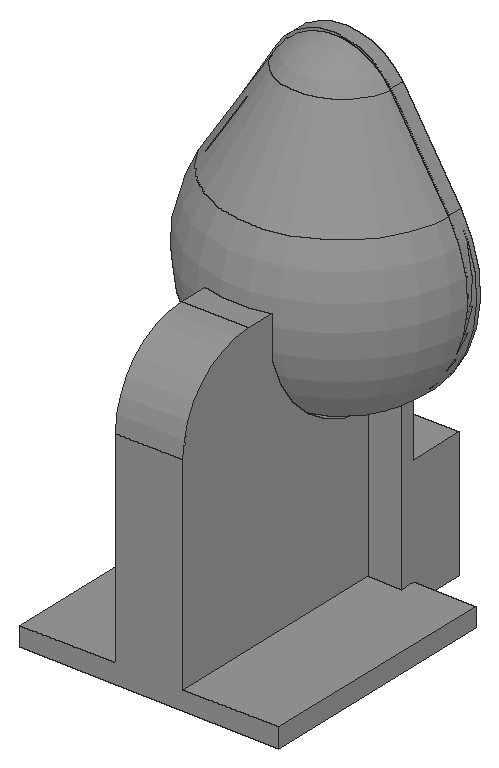
Revit family "Toilet-Willoughby-1490-HET-ETW-CM-BS", category Plumbing Fixtures, host Face, Revit 2014
Parameters (values of type "Standard")
  Waste DIA = 2 1/4"
  Waste Connection = yes
  W-RAD [instance] = Waste DIA / 2  # 0' - 1 1/8"
  Vent Connection = no
  URL = "www.willoughby-ind.com"
  Type Comments = ""
  Revision = "A"
  Model = "ETW-1490-HET-CM-BS"
  Manufacturer = "Willoughby Industries"
  HW Connection = no
  Flush inlet DIA = 1 1/2"
  Flush Inlet Connection = yes
  Fixture Body = Stainless Steel AISI 304-Willoughby
  F-RAD [instance] = Flush inlet DIA / 2  # 0' - 0 3/4"
  Description = "Carrier Mounted Toilet"
  Default Elevation = 0' - 0"
  Contact Number = "(800) 428-4065"
  CW Connection = no
Reference planes (in)
  plane 1 "Base": y = -16.25
  plane 2: z = 0
  plane 3 "Center": x = 18.31072
  plane 4 "Waste height": y = -4.75
  plane 5 "Seat HGT": y = -1.25
  plane 6: z = -6.75
  plane 7: y = -2.125
  plane 8 "Unit Base Off Floor": y = -14.0625
  plane 9 "Flush HGT": y = 0.5
  plane 10: x = 16.56072
  plane 11: x = 20.06072
  plane 12: x = 11.56072
  plane 13: x = 25.06072
Forms (in)
  Extrusion 1, solid, material "Stainless Steel AISI 304-Willoughby" <- "Fixture Body"
    sketch origin (16.08109, 7.47968, -7.1422) x (-1, 0, 0) y (0, 0, -1)
      loop
        line (1.29775, -16.80087) -> (1.29775, -7.1422) -> (-5.72963, -7.1422) -> (-5.72963, -16.81676)
        arc (-5.72963, -16.81676) -> (-8.98136, -21.11843) -> (-8.21015, -26.45542) r 7
        line (-8.21015, -26.45542) -> (-5.16818, -31.31054)
        arc (-5.16818, -31.31054) -> (-2.20225, -32.95225) -> (0.76368, -31.31054) r 3.5
        line (0.76368, -31.31054) -> (3.80565, -26.45542)
        arc (3.80565, -26.45542) -> (4.5729, -21.10311) -> (1.29775, -16.80087) r 7
      loop
        arc (2.03989, -24.70557) -> (-2.20225, -18.23804) -> (-6.44438, -24.70557) r 4.625
        line (-6.44438, -24.70557) -> (-4.04125, -30.23842)
        arc (-4.04125, -30.23842) -> (-2.20225, -31.45225) -> (-0.36324, -30.23842) r 2
        line (-0.36324, -30.23842) -> (2.03989, -24.70557)
    from 8.72968 to 9.5
  Revolve 2, solid, material "Stainless Steel AISI 304-Willoughby" <- "Fixture Body"
    sketch origin (19.37246, -1.52032, -3.93826) x (-1, 0, 0) y (0, 0, -1)
      loop
        line (1.06174, -12.59906) -> (1.06174, -12.84906)
        arc (1.06174, -12.84906) -> (6.96784, -16.33096) -> (6.78077, -23.18447) r 6.75
        line (6.78077, -23.18447) -> (3.81535, -27.91457)
        arc (3.81535, -27.91457) -> (2.63527, -29.03194) -> (1.06174, -29.43826) r 3.25
        line (1.06174, -29.43826) -> (1.06174, -29.68826)
        arc (1.06174, -29.68826) -> (2.75672, -29.25045) -> (4.02767, -28.04656) r 3.5
        line (4.02767, -28.04656) -> (7.06964, -23.19143)
        arc (7.06964, -23.19143) -> (7.15052, -16.14555) -> (1.06174, -12.59906) r 7
      axis (1.06174, -12.59906) -> (1.06174, -29.68826)
    angle from 0 to -180
  Extrusion 3, solid, material "Stainless Steel AISI 304-Willoughby" <- "Fixture Body"
    sketch origin (19.53334, -3.02032, -4.9508) x (0, 1, 0) y (0, 0, 1)
      loop
        line (-5.27082, 4.9508) -> (1, 4.9508) -> (1, 13.76086)
        arc (1, 13.76086) -> (-2.93256, 15.26109) -> (-5.27082, 18.76086) r 6.92744
        line (-5.27082, 18.76086) -> (-5.27082, 4.9508)
    from 0.52738 to -2.97262
  Extrusion 4, solid, material "Stainless Steel AISI 304-Willoughby" <- "Fixture Body"
    sketch origin (17.03334, 24.08792, -4.30581) x (0, 1, 0) y (0, 0, 1)
      loop
        line (-32.37906, 4.30581) -> (-32.37906, 20.30581) -> (-33.87467, 20.30581)
        arc (-33.87467, 20.30581) -> (-36.89808, 19.05347) -> (-38.15042, 16.03006) r 4.27575
        line (-38.15042, 16.03006) -> (-38.15042, 4.30581) -> (-32.37906, 4.30581)
    from -0.47262 to 3.02738
  Extrusion 5, solid, material "Stainless Steel AISI 304-Willoughby" <- "Fixture Body"
    sketch origin (0, 14.59309, 0) x (1, 0, 0) y (0, 1, 0)
      loop
        circle (18.31072, -19.34309) r 1.125
    from 5.5 to 0
  Extrusion 6, solid, material "Stainless Steel AISI 304-Willoughby" <- "Fixture Body"
    sketch origin (18.31072, 0, 0) x (0, 1, 0) y (0, 0, 1)
      loop
        line (-1.25, 0) -> (1.75, 0) -> (1.75, 6.6875) -> (-1.25, 6.6875) -> (-1.25, 0)
    from -3.52738 to 3.5
  Extrusion 7, solid, material "Stainless Steel AISI 304-Willoughby" <- "Fixture Body"
    sketch origin (0, 0, 0) x (1, 0, 0) y (0, 1, 0)
      loop
        circle (18.31072, 0.5) r 0.75
    from 0 to 1
  Extrusion 8, solid, material "Stainless Steel AISI 304-Willoughby" <- "Fixture Body"
    sketch origin (0, -16.25, 0) x (1, 0, 0) y (0, 0, 1)
      loop
        line (25.06072, 0) -> (25.06072, 1) -> (11.56072, 1) -> (11.56072, 0) -> (25.06072, 0)
    from -15 to -2.1875
Cuts and joins
  joined: Extrusion 1, Extrusion 3, Extrusion 4, Extrusion 6, Extrusion 8
Lines and regions (in)
  symbolic lines
    curve 1: line (11.28334, -2.02032, 0) -> (11.28334, -1.25, 0)
    curve 2: line (11.28334, -1.25, 0) -> (25.28334, -1.25, 0)
    curve 3: line (25.28334, -1.25, 0) -> (25.28334, -2.02032, 0)
    curve 4: arc (25.28334, -2.02032, 0) -> (23.08407, -6.65154, 0) -> (18.31072, -8.52239, 0) r 6.96416
    curve 5: arc (18.31072, -8.52239, 0) -> (13.55021, -6.63777, 0) -> (11.3381, -2.02032, 0) r 7.01539
    curve 6: line (20.06072, -8.30511, 0) -> (20.06072, -14.0625, 0)
    curve 7: line (20.06072, -14.0625, 0) -> (16.56072, -14.0625, 0)
    curve 8: line (16.56072, -14.0625, 0) -> (16.56072, -8.29444, 0)
    curve 9: line (14.78334, -1.25, 0) -> (14.78334, 1.75, 0)
    curve 10: line (14.78334, 1.75, 0) -> (21.81072, 1.75, 0)
    curve 11: line (21.81072, 1.75, 0) -> (21.81072, -1.25, 0)
    curve 12: line (14.78334, -16.25, 9.65867) -> (14.78334, -16.25, 1)
    curve 13: line (14.78334, -16.25, 1) -> (11.56072, -16.25, 1)
    curve 14: line (11.56072, -16.25, 1) -> (11.56072, -16.25, 0)
    curve 15: line (11.56072, -16.25, 0) -> (25.06072, -16.25, 0)
    curve 16: line (25.06072, -16.25, 0) -> (25.06072, -16.25, 1)
    curve 17: line (25.06072, -16.25, 1) -> (21.81072, -16.25, 1)
    curve 18: line (21.81072, -16.25, 1) -> (21.81072, -16.25, 9.67456)
    curve 19: arc (21.81072, -16.25, 9.67456) -> (25.06245, -16.25, 13.97624) -> (24.29124, -16.25, 19.31322) r 7
    curve 20: line (24.29124, -16.25, 19.31322) -> (21.24927, -16.25, 24.16835)
    curve 21: arc (21.24927, -16.25, 24.16835) -> (19.98923, -16.25, 25.34792) -> (18.31072, -16.25, 25.75) r 3.37397
    curve 22: arc (18.31072, -16.25, 25.75) -> (16.62783, -16.25, 25.31163) -> (15.31741, -16.25, 24.16835) r 3.79331
    curve 23: line (15.31741, -16.25, 24.16835) -> (12.35249, -16.25, 19.43905)
    curve 24: arc (12.35249, -16.25, 19.43905) -> (11.49002, -16.25, 14.03241) -> (14.78334, -16.25, 9.65867) r 7
    curve 31: line (18.31072, -8.29114, 16) -> (18.31072, -9.78675, 16)
    curve 32: arc (18.31072, -9.78675, 16) -> (18.31072, -12.81016, 14.74766) -> (18.31072, -14.0625, 11.72425) r 4.27575
    curve 33: line (18.31072, -14.0625, 11.72425) -> (18.31072, -14.0625, 0)
    curve 34: line (18.31072, -14.0625, 0) -> (18.31072, 1.75, 0)
    curve 35: line (18.31072, 1.75, 0) -> (18.31072, 1.75, 6.6875)
    curve 36: line (18.31072, 1.75, 6.6875) -> (18.31072, -1.25, 6.6875)
    curve 37: line (18.31072, -1.25, 6.6875) -> (18.31072, -1.25, 25.81005)
    curve 38: line (18.31072, -1.25, 25.81005) -> (18.31072, -2.02032, 25.81005)
    curve 39: arc (18.31072, -2.02032, 25.81005) -> (18.31072, -3.39185, 25.23539) -> (18.31072, -4.43846, 24.179) r 3.80568
    curve 40: line (18.31072, -4.43846, 24.179) -> (18.31072, -7.52822, 19.25317)
    curve 41: arc (18.31072, -7.52822, 19.25317) -> (18.31072, -8.24108, 17.69249) -> (18.31072, -8.52281, 16) r 6.52999
    curve 42: line (18.31072, -8.29114, 16) -> (18.31072, -8.29114, 14.1112)
    curve 43: arc (18.31072, -8.29114, 14.1112) -> (18.31072, -6.05164, 10.40084) -> (18.31072, -2.02032, 8.81005) r 6.76718
    curve 44: line (18.31072, -2.02032, 8.81005) -> (18.31072, -2.02032, 9.65867)
    curve 45: line (18.31072, -2.02032, 9.65867) -> (18.31072, -1.25, 9.65867)
    curve 46: line (18.31072, -14.0625, 1) -> (18.31072, -2.02032, 1)
    curve 47: line (18.31072, -2.02032, 1) -> (18.31072, -2.02032, 8.81005)
    curve 48: line (11.56072, -3.3316, 0) -> (11.56072, -14.0625, 0)
    curve 49: line (11.56072, -14.0625, 0) -> (16.56072, -14.0625, 0)
    curve 50: line (25.06072, -3.36321, 0) -> (25.06072, -14.0625, 0)
    curve 51: line (25.06072, -14.0625, 0) -> (20.06072, -14.0625, 0)
  symbolic lines, detail levels fine
    curve 25: line (22.52547, -16.25, 17.56337) -> (20.12234, -16.25, 23.09622)
    curve 26: arc (20.12234, -16.25, 23.09622) -> (19.38317, -16.25, 23.97635) -> (18.28334, -16.25, 24.31005) r 2.01767
    curve 27: arc (18.28334, -16.25, 24.31005) -> (17.17969, -16.25, 23.98213) -> (16.44433, -16.25, 23.09622) r 1.9827
    curve 28: line (16.44433, -16.25, 23.09622) -> (14.0412, -16.25, 17.56337)
    curve 29: arc (14.0412, -16.25, 17.56337) -> (18.28334, -16.25, 11.09585) -> (22.52547, -16.25, 17.56337) r 4.625
  symbolic lines, detail levels medium+fine
    curve 30: line (14.78334, -16.25, 6.6875) -> (21.81072, -16.25, 6.6875)
Dimensions and locks (in)
  plane 1 "Base" to plane 4 "Waste height" = 0' - 11 1/2"
  plane 1 "Base" to plane 5 "Seat HGT" = 1' - 3"
  plane 12 to plane 13 = 1' - 1 1/2"
  plane 1 "Base" to plane 9 "Flush HGT" = 1' - 4 3/4"
  plane 12 to plane 3 "Center" = 0' - 6 3/4"
  "W-RAD": radius of Extrusion 5 sketch curve
  "F-RAD": radius of Extrusion 7 sketch curve
  aligned and locked: plane 2 to host face
  aligned and locked: level to host face
  aligned and locked: plane 3 "Center" to Extrusion 5 sketch curve
  aligned and locked: plane 4 "Waste height" to Extrusion 5 sketch curve
  aligned and locked: plane 9 "Flush HGT" to Extrusion 7 sketch curve
  aligned and locked: plane 3 "Center" to Extrusion 7 sketch curve
  aligned and locked: plane 13 to cut or joined group of Extrusion 1, Extrusion 3, Extrusion 4, Extrusion 6, Extrusion 8
  aligned and locked: cut or joined group of Extrusion 1, Extrusion 3, Extrusion 4, Extrusion 6, Extrusion 8 to plane 12
  aligned and locked: cut or joined group of Extrusion 1, Extrusion 3, Extrusion 4, Extrusion 6, Extrusion 8 to cut or joined group of Extrusion 1, Extrusion 3, Extrusion 4, Extrusion 6, Extrusion 8  (x2)
Automatic sketch dimensions
  host sketch curve to host sketch curve = 4' - 2.38321"
  host sketch curve to host sketch curve = 3' - 5.79975"
  Extrusion 1 sketch curve to Extrusion 1 sketch curve = 0' - 0"  (x8)
  Extrusion 1 sketch curve to level = 0' - 0"
  plane 3 "Center" to Extrusion 1 sketch curve = 0' - 5.98052"
  Extrusion 1 sketch curve to Extrusion 1 sketch curve = 0' - 1.76576"  (x2)
  plane 3 "Center" to Extrusion 1 sketch curve = 0' - 3 1/2"
  plane 3 "Center" to Extrusion 1 sketch curve = 0' - 2.93855"
  Extrusion 1 sketch curve to Extrusion 1 sketch curve = 0' - 1.12693"  (x2)
  Extrusion 1 sketch curve to plane 3 "Center" = 0' - 0.02738"  (x2)
  Extrusion 1 sketch curve to plane 3 "Center" = 0' - 1.86639"
  Extrusion 1 sketch curve to plane 3 "Center" = 0' - 3.52738"
  Extrusion 1 sketch curve to plane 3 "Center" = 0' - 4 69/256"
  Extrusion 1 sketch curve to Extrusion 1 sketch curve = 0' - 9.65867"
  Extrusion 1 sketch curve to Extrusion 1 sketch curve = 0' - 0.01589"
  Extrusion 1 sketch curve to Extrusion 1 sketch curve = 0' - 6.06218"
  Extrusion 1 sketch curve to Extrusion 1 sketch curve = 0' - 1.74985"
  Extrusion 1 sketch curve to Extrusion 1 sketch curve = 0' - 4.74668"
  Extrusion 1 sketch curve to Extrusion 1 sketch curve = 0' - 0.78617"
  Extrusion 1 sketch curve to Extrusion 1 sketch curve = 0' - 1.07212"
  Revolve 2 sketch curve to Revolve 2 sketch curve = 0' - 0"  (x2)
  Revolve 2 sketch curve to plane 3 "Center" = 0' - 0"  (x3)
  plane 3 "Center" to Revolve 2 sketch curve = 0' - 0"
  Revolve 2 sketch curve to plane 3 "Center" = 0' - 2.75361"
  Revolve 2 sketch curve to Revolve 2 sketch curve = 0' - 0.21232"
  Revolve 2 sketch curve to Revolve 2 sketch curve = 0' - 2.96542"
  Revolve 2 sketch curve to Revolve 2 sketch curve = 0' - 0.28887"
  level to Revolve 2 sketch curve = 2' - 1 3/4"
  Revolve 2 sketch curve to Revolve 2 sketch curve = 0' - 0 1/4"
  Revolve 2 sketch curve to Revolve 2 sketch curve = 0' - 1.3917"
  Revolve 2 sketch curve to Revolve 2 sketch curve = 0' - 0.13199"
  Revolve 2 sketch curve to Revolve 2 sketch curve = 0' - 4.85513"
  Revolve 2 sketch curve to Revolve 2 sketch curve = 0' - 0.00696"
  Revolve 2 sketch curve to Revolve 2 sketch curve = 0' - 3 1/4"
  Revolve 2 sketch curve to Revolve 2 sketch curve = 0' - 3.3392"
  Revolve 2 sketch curve to Revolve 2 sketch curve = 0' - 2.4108"
  Extrusion 3 sketch curve to level = 0' - 0"
  plane 4 "Waste height" to Extrusion 3 sketch curve = 0' - 3.54114"
  plane 7 to Extrusion 3 sketch curve = 0' - 0.10468"
  plane 5 "Seat HGT" to Extrusion 3 sketch curve = 0' - 0.38413"
  Extrusion 3 sketch curve to Extrusion 3 sketch curve = 0' - 8.81005"
  Extrusion 3 sketch curve to Extrusion 3 sketch curve = 0' - 5"
  Extrusion 4 sketch curve to plane 8 "Unit Base Off Floor" = 0' - 0"
  Extrusion 4 sketch curve to level = 0' - 0"
  Extrusion 4 sketch curve to plane 8 "Unit Base Off Floor" = 0' - 4.27575"
  Extrusion 4 sketch curve to Extrusion 4 sketch curve = 0' - 1.49561"
  Extrusion 4 sketch curve to Extrusion 4 sketch curve = 0' - 11.72425"
  Extrusion 6 sketch curve to level = 0' - 0"
  Extrusion 6 sketch curve to plane 5 "Seat HGT" = 0' - 0"
  Extrusion 6 sketch curve to plane 9 "Flush HGT" = 0' - 1 1/4"
  level to Extrusion 6 sketch curve = 0' - 6 11/16"
  Extrusion 8 sketch curve to plane 12 = 0' - 0"
  Extrusion 8 sketch curve to plane 13 = 0' - 0"
  Extrusion 8 sketch curve to level = 0' - 0"
  level to Extrusion 8 sketch curve = 0' - 1"
  curve 19 to curve 24 = 0' - 0"
  curve 19 to curve 29 = 0' - 0"  (x2)
  curve 24 to curve 29 = 0' - 0"
  curve 14 to level = 0' - 0"
  curve 14 to plane 12 = 0' - 0"
  curve 21 to plane 3 "Center" = 0' - 0"
  curve 22 to plane 3 "Center" = 0' - 0"
  curve 17 to plane 13 = 0' - 0"
  plane 12 to curve 23 = 0' - 0.79177"
  plane 12 to curve 28 = 0' - 2 123/256"
  curve 23 to plane 10 = 0' - 1.24331"
  curve 28 to plane 10 = 0' - 0.11639"
  curve 26 to plane 3 "Center" = 0' - 0.03902"
  curve 26 to curve 27 = 0' - 0.0002"
  curve 29 to plane 3 "Center" = 0' - 0.02738"
  plane 3 "Center" to curve 21 = 0' - 0.07942"
  plane 3 "Center" to curve 22 = 0' - 0.08929"
  plane 11 to curve 25 = 0' - 0.06162"
  plane 11 to curve 20 = 0' - 1.18855"
  plane 11 to curve 18 = 0' - 1 3/4"
  plane 11 to curve 25 = 0' - 2.46475"
  curve 20 to plane 13 = 0' - 0.76948"
  curve 14 to curve 14 = 0' - 1"
  level to curve 17 = 0' - 1"
  curve 12 to curve 12 = 0' - 8.65867"
  curve 12 to curve 18 = 0' - 0.01589"
  curve 24 to curve 19 = 0' - 6.06218"
  curve 28 to curve 23 = 0' - 1.87568"
  curve 25 to curve 22 = 0' - 4.39436"
  curve 22 to curve 26 = 0' - 0.33468"
  curve 26 to curve 27 = 0' - 0.03496"
  curve 27 to curve 21 = 0' - 0.04959"
  curve 25 to curve 21 = 0' - 1.07212"
  curve 28 to curve 22 = 0' - 1.07212"
  curve 30 to plane 10 = 0' - 1.77738"
  curve 30 to curve 18 = 0' - 2.98706"
  curve 34 to level = 0' - 0"
  curve 34 to plane 8 "Unit Base Off Floor" = 0' - 0"
  curve 38 to plane 5 "Seat HGT" = 0' - 0"
  curve 32 to plane 8 "Unit Base Off Floor" = 0' - 4.27575"
  curve 32 to curve 42 = 0' - 1.49561"
  plane 4 "Waste height" to curve 40 = 0' - 2.77822"
  curve 40 to plane 4 "Waste height" = 0' - 0.31154"
  plane 7 to curve 38 = 0' - 0.10468"
  plane 7 to curve 45 = 0' - 0.10468"
  plane 7 to curve 41 = 0' - 0.12858"
  curve 41 to curve 43 = 0' - 0.31362"
  plane 5 "Seat HGT" to curve 39 = 0' - 0.01374"
  curve 36 to plane 9 "Flush HGT" = 0' - 1 1/4"
  level to curve 36 = 0' - 6 11/16"
  curve 36 to curve 44 = 0' - 2.12255"
  curve 44 to curve 45 = 0' - 0.84862"
  curve 44 to curve 32 = 0' - 2.06558"
  curve 42 to curve 31 = 0' - 1.8888"
  curve 43 to curve 41 = 0' - 0.21449"
  curve 31 to curve 40 = 0' - 3.25317"
  curve 41 to curve 39 = 0' - 6.29703"
  curve 39 to curve 40 = 0' - 2.09866"
  level to curve 47 = 0' - 1"
  plane 5 "Seat HGT" to curve 1 = 0' - 0"
  curve 48 to plane 12 = 0' - 0"
  curve 8 to plane 10 = 0' - 0"
  curve 4 to plane 3 "Center" = 0' - 0"
  curve 5 to plane 3 "Center" = 0' - 0"
  curve 6 to plane 11 = 0' - 0"
  plane 8 "Unit Base Off Floor" to curve 51 = 0' - 0"
  curve 50 to plane 13 = 0' - 0"
  curve 2 to plane 12 = 0' - 0.27738"
  curve 9 to plane 10 = 0' - 1.77738"
  plane 3 "Center" to curve 4 = 0' - 0.0238"
  plane 3 "Center" to curve 5 = 0' - 0.02397"
  plane 11 to curve 10 = 0' - 1 3/4"
  plane 7 to curve 3 = 0' - 0.10468"
  plane 13 to curve 3 = 0' - 0.22262"
  plane 5 "Seat HGT" to curve 4 = 0' - 0.30827"
  curve 10 to plane 9 "Flush HGT" = 0' - 1 1/4"
  curve 1 to curve 5 = 0' - 0.05476"
  curve 1 to curve 5 = 0' - 0"
Connectors (in)
  piping at (18.31072, -4.75, 0), diameter 2.25, driven by "W-RAD", driven by "Waste Connection"
    settings: on Extrusion 5, index 1, connector inside diameter 2 1/4", connector length 0' - 0", flow factor 0, pipe flow 0 GPM, pressure drop 0.00 psi, fitting loss kfactor 0, connector angle 0.00°, fixture units 0, engagement length 0' - 0", angle of deflection 0.00°, flow configuration 0, flow direction 2, fitting loss method 0, system type 16, joint type 0, gender type 0, connector reference index -1, connector utility 1, adjustable connector yes, is connector primary yes, connector description "Toilet Waste"
  piping at (18.31072, 0.5, 1), diameter 1.5, driven by "F-RAD", driven by "Flush Inlet Connection"
    settings: on Extrusion 7, index 2, connector inside diameter 1 1/2", connector length 0' - 0", flow factor 0, pipe flow 0 GPM, pressure drop 0.00 psi, fitting loss kfactor 0, connector angle 0.00°, fixture units 0, engagement length 0' - 0", angle of deflection 0.00°, flow configuration 0, flow direction 1, fitting loss method 0, system type 20, joint type 0, gender type 0, connector reference index -1, connector utility 1, adjustable connector no, is connector primary no, connector description "Flush Inlet"
